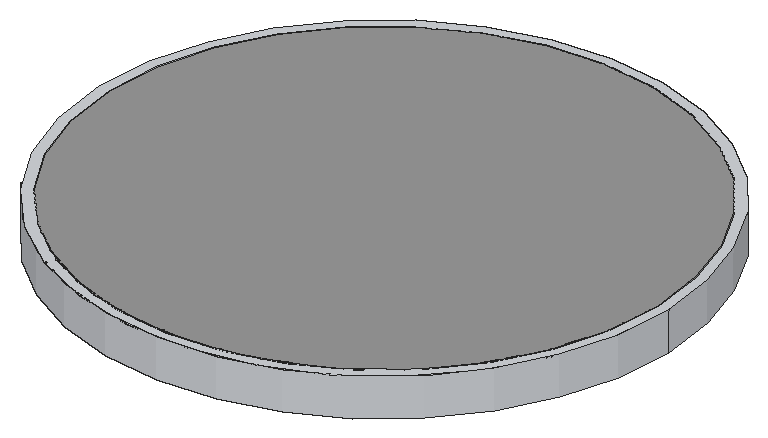
Revit family "2071238", category Lighting Fixtures, host Face, Revit 2018
Family settings
  Host = Face
  Round Connector Dimension = Use Diameter
  Part Type = Normal
  OmniClass Number = 23.80.70.00
  OmniClass Title = Lighting
  Cut with Voids When Loaded = No
  Light Source = Yes
  Shared = No
  Room Calculation Point = No
Parameters (values of type "2071238 COLOSSAL 900 830 PR DIR WHT DALI EM")
  iner diameter = 856 mm
  Weight = "n/a"
  Wattage Comments = ""
  Wattage = 30 W
  WarrantyStartDate [instance] = "n/a"
  WarrantyGuarantorParts = "n/a"
  WarrantyDurationUnit = "n/a"
  WarrantyDurationParts = ""
  WarrantyDescription = "http://www.sylvania-lighting.com"
  built-in parameter 1150110 = 1 (stored number, unit not read)
  Voltage = 230 V
  URL = "0.99"
  TypeName = "COLOSSAL 900mm 830 PRISM DIR WHITE DALI EM"
  Type Image = <None>
  Type Comments = "n/a"
  built-in parameter 1114217 = 1 (stored number, unit not read)
  Tilt Angle = -90.00°
  built-in parameter 1150109 = 1 (stored number, unit not read)
  built-in parameter 1150134 = (empty or 0)
  built-in parameter 1150113 = 1 (stored number, unit not read)
  SerialNumber [instance] = "n/a"
  Photometric Web File = "2071238.ies"
  Material_3_SYL = LED-Sylvania
  PowerFactor = 0
  PowerConsumption = "Lighting"
  NominalLength = 888 mm
  NominalHeight = 93 mm
  NominalDepth = 888 mm
  Name = "COLOSSAL 900mm 830 PRISM DIR WHITE DALI EM"
  ModelReference = Name  # "COLOSSAL 900mm 830 PRISM DIR WHITE DALI EM"
  ModelNumber = "2071238"
  Model = Name  # "COLOSSAL 900mm 830 PRISM DIR WHITE DALI EM"
  Material = "Feilo Sylvania"
  ManufacturerName = "130 lm/W"
  Manufacturer = ""
  LuminousEfficacy = ""
  built-in parameter 1150105 = 270.44 (stored number, unit not read)
  Lumens = 3398.4 lm
  LuminaireType = "0"
  built-in parameter 1150115 = 1 (stored number, unit not read)
  LightOutputRatio = "LED"
  built-in parameter 1150137 = (empty or 0)
  built-in parameter 1150139 = (empty or 0)
  LampsType = Lamp  # "n/a"
  LampNominalLuminous = "3000 K"
  LampMacAdamStep = "80"
  LampColourTemperature = "LED"
  LampColourRenderingIndex = "16500"
  built-in parameter 1150112 = 1 (stored number, unit not read)
  built-in parameter 1150114 = 1 (stored number, unit not read)
  Lamp = "n/a"
  Keynote = "n/a"
  InstallationDate [instance] = "n/a"
  InputVoltage = "0"
  InputNominalFrequency = "3000"
  built-in parameter 1150132 = (empty or 0)
  built-in parameter 1150102 = (empty or 0)
  built-in parameter 1150107 = 3000 (stored number, unit not read)
  built-in parameter 1150138 = (empty or 0)
  IngressProtection = "IfcLightFixtureType"
  ImpactProtectionIndex = "IfcLightFixtureType"
  built-in parameter 1150106 = 2.7044 (stored number, unit not read)
  IfcExportType = "IfcLightFixtureType"
  IfcExportAs = "Class I"
  Emit from Circle Diameter = 385 mm
  Emit Shape Visible in Rendering = no
  ElectricShockClassification = "130"
  built-in parameter 1150104 = 10.524 (stored number, unit not read)
  DocumentationLiterature = "http://www.sylvania-lighting.com/product/en-int/products/2071238"
  DimmingControlOptions = "n/a"
  Material_2_SYL = Polycarbonate_Sylvania_White
  Dimming Lamp Color Temperature Shift = <None>
  Description = "900mm diameter circular architectural luminaire, can be surface mounted or suspended. Powder coated aluminium housing (RAL9016) with PMMA prismatic diffuser. Direct light distribution, 7785lm luminuous flux, 60W system power, 130lm/W luminiaire efficacy. DALI dimmable. 3 hours integrated emergency. Colour rendering index Ra >80, 3000K Warm White LED, chromaticity tolerance of 3-step MacAdam ellipse. IP40/IP20, IK03. 350mA drive current. UGR≤19. Electrical protection Class1, 220-240V. Reported lifetime 66k hours L90B10."
  Default Elevation = 1219.2 mm
  CreatedOn = "23/03/2022"
  CreatedBy = "@sylvania-lighting.com"
  Cost = 0
  Color Filter = 16777215
  built-in parameter 1114216 [instance] = (empty or 0)
  ClassificationValue = "EF_70_80"
  ClassificationName = "Uniclass2015"
  Material_1_SYL = Polycarbonate_Sylvania_Opal
  BarCode [instance] = "n/a"
  built-in parameter 1114218 = 1 (stored number, unit not read)
  built-in parameter 1150133 = 10 (stored number, unit not read)
  AssetType = "Fixed"
  AssetIdentifier [instance] = "n/a"
  Assembly Code = "D5020200"
  Apparent Load = 60 VA
  Material_4_SYL = none
Reference planes
  plane 1 "Center (Front/Back)": y = 0
  plane 2: z = 0
  plane 3 "Center (Left/Right)": x = 0
  plane 4: z = 1.161
  plane 5: z = 16.161
  plane 6: x = -444
  plane 7: x = 444
  plane 8: y = 444
  plane 9: y = -444
  plane 10: y = 236
  plane 11: y = -236
  plane 12: x = 85
  plane 13: x = -85
  plane 14: through (0, 0, 1219.2) normal (0.5, 0.866, 0)
  plane 15: through (42.5, 73.612, 1219.2) normal (0.5, 0.866, 0)
  plane 16: through (-42.5, -73.612, 1219.2) normal (0.5, 0.866, 0)
  plane 17: through (0, 0, 1219.2) normal (0.5, -0.866, 0)
  plane 18: through (-42.5, 73.612, 1219.2) normal (0.5, -0.866, 0)
  plane 19: through (42.5, -73.612, 1219.2) normal (0.5, -0.866, 0)
  plane 20: z = 93
  plane 21: y = 428
  plane 22: y = -428
Forms (mm)
  Extrusion 1, solid, detail levels medium+fine
    sketch origin (0, 0, 0) x (0.866025, -0.5, 0) y (0.5, 0.866025, 0)
      loop
        circle (-50, 86.603) r 22
    from 0 to 2
  Extrusion 2, solid, detail levels medium+fine
    sketch origin (0, 0, 0) x (0.866025, -0.5, 0) y (0.5, 0.866025, 0)
      loop
        circle (100, 0) r 22
      loop
        circle (-50, -86.603) r 22
    from 0 to 2
  Blend 3, solid, detail levels medium+fine
    base sketch origin (0, 0, 0) x (1, 0, 0) y (0, 1, 0)
      loop
        line (-85, 236) -> (-246.882, -44.388) -> (-161.882, -191.612) -> (161.882, -191.612) -> (246.882, -44.388) -> (85, 236) -> (-85, 236)
    top sketch origin (0, 0, 0) x (1, 0, 0) y (0, 1, 0)
      loop
        line (-85, 283.076) -> (-287.651, -67.926) -> (-207.792, -218.119) -> (207.792, -218.119) -> (292.5, -71.401) -> (85, 283.076) -> (-85, 283.076)
    from 0 to 33.022
  Extrusion 4, solid, detail levels medium+fine
    sketch origin (0, 0, 0) x (1, 0, 0) y (0, 1, 0)
      loop
        circle (0, 0) r 444
    from 33.022 to 93
  Extrusion 5, void
    sketch origin (0, 0, 0) x (1, 0, 0) y (0, 1, 0)
      loop
        circle (0, 0) r 428
    from 96.588 to 37.292
  Extrusion 6, solid, material "Glass, White, High Luminance", detail levels fine
    sketch origin (0, 0, 0) x (1, 0, 0) y (0, 1, 0)
      loop
        circle (0, 0) r 428
    from 87.991 to 93
  Extrusion 7, solid, detail levels coarse
    sketch origin (0, 0, 0) x (1, 0, 0) y (0, 1, 0)
      loop
        line (-444, 444) -> (-444, -444) -> (444, -444) -> (444, 444) -> (-444, 444)
    from 0 to 93.648
Cuts and joins
  Extrusion 5 cuts Extrusion 1
  Extrusion 5 cuts Extrusion 2
  Extrusion 5 cuts Blend 3
  Extrusion 5 cuts Extrusion 4
Lines and regions (mm)
  model lines, detail levels medium+fine
    curve 1: circle (0, 0, 0) r 100 normal (0, 0, 1)
Dimensions and locks
  "NominalDepth": plane 8 to plane 9
  plane 8 to plane 1 "Center (Front/Back)" to plane 9 = 444 mm, 444 mm
  "NominalLength": plane 6 to plane 7
  equal spacing: plane 6, plane 3 "Center (Left/Right)", plane 7
  "NominalHeight": level to plane 20
  "iner diameter": plane 21 to plane 22
  equal spacing: plane 21, plane 1 "Center (Front/Back)", plane 22
  aligned and locked: plane 2 to host face
  aligned and locked: level to host face
Automatic sketch dimensions
  host sketch curve to host sketch curve = 2438.4 mm  (x2)
  Extrusion 1 sketch curve to plane 3 "Center (Left/Right)" = 0 mm
  Extrusion 1 sketch curve to plane 1 "Center (Front/Back)" = 100 mm
  plane 1 "Center (Front/Back)" to Extrusion 2 sketch curve = 50 mm
  Extrusion 2 sketch curve to plane 3 "Center (Left/Right)" = 86.603 mm
  Extrusion 2 sketch curve to Extrusion 2 sketch curve = 150 mm
  Extrusion 2 sketch curve to Extrusion 2 sketch curve = 86.603 mm
  plane 1 "Center (Front/Back)" to curve 1 = 0 mm
  curve 1 to plane 3 "Center (Left/Right)" = 0 mm
  plane 18 to Blend 3 sketch curve = 0 mm  (x2)
  plane 19 to Blend 3 sketch curve = 0 mm  (x2)
  Blend 3 sketch curve to plane 10 = 0 mm
  Blend 3 sketch curve to plane 13 = 0 mm  (x2)
  Blend 3 sketch curve to plane 12 = 0 mm  (x2)
  Blend 3 sketch curve to plane 16 = 0 mm  (x2)
  Blend 3 sketch curve to plane 15 = 0 mm
  plane 11 to Blend 3 sketch curve = 44.388 mm
  plane 1 "Center (Front/Back)" to Blend 3 sketch curve = 44.388 mm  (x2)
  plane 11 to Blend 3 sketch curve = 17.881 mm
  plane 1 "Center (Front/Back)" to Blend 3 sketch curve = 67.926 mm
  plane 1 "Center (Front/Back)" to Blend 3 sketch curve = 71.401 mm
  Blend 3 sketch curve to plane 7 = 151.5 mm
  plane 10 to Blend 3 sketch curve = 47.076 mm
  plane 1 "Center (Front/Back)" to Extrusion 4 sketch curve = 0 mm
  Extrusion 4 sketch curve to plane 3 "Center (Left/Right)" = 0 mm
  plane 1 "Center (Front/Back)" to Extrusion 5 sketch curve = 0 mm
  Extrusion 5 sketch curve to plane 3 "Center (Left/Right)" = 0 mm
  plane 1 "Center (Front/Back)" to Extrusion 6 sketch curve = 0 mm
  Extrusion 6 sketch curve to plane 3 "Center (Left/Right)" = 0 mm
  Extrusion 7 sketch curve to plane 6 = 0 mm
  Extrusion 7 sketch curve to plane 7 = 0 mm
  Extrusion 7 sketch curve to plane 9 = 0 mm
  Extrusion 7 sketch curve to plane 8 = 0 mm
  radius of Extrusion 1 sketch curve = 22 mm
  radius of Extrusion 2 sketch curve = 22 mm  (x2)
  radius of curve 1 = 100 mm
  radius of Extrusion 4 sketch curve = 444 mm
  radius of Extrusion 5 sketch curve = 428 mm
  radius of Extrusion 6 sketch curve = 428 mm
Connectors
  electrical at (0, 0, 0), driven by "Apparent Load", driven by "PowerFactor", driven by "Voltage"
    settings: index 1, voltage 230 V, apparent load 60 VA, apparent load phase1 0 VA, apparent load phase2 0 VA, apparent load phase3 0 VA, power factor 0, load classification "Lighting", number of poles 1, system type 30, power factor state 1, is connector primary yes, connector utility no, sub classification motor no, connector description ""
